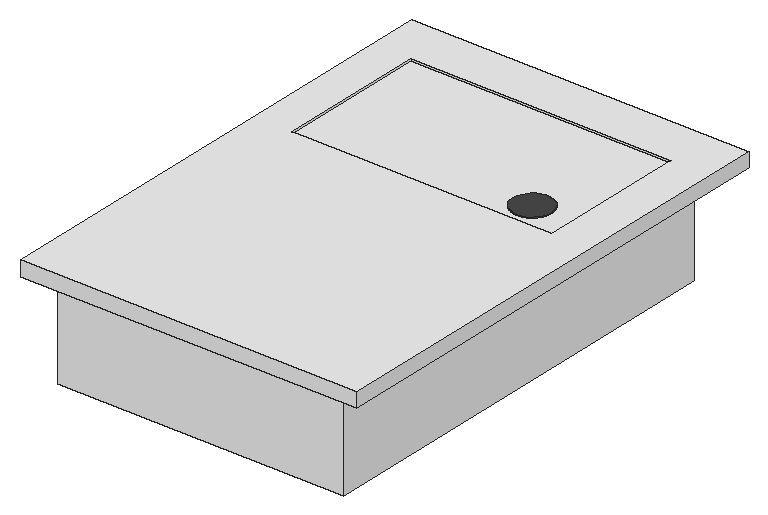
Revit family "Napkin_Disposal-Bobrick-TrimLineSeries-B-35303", category Specialty Equipment, host Face, Revit 2014
Parameters (values of type "B-35303")
  Width = 13"  # constant formula
  Warranty Documentation Link = "http://products.bobrick.com/Documents/ProductWarranties.pdf"
  URL = "http://www.bobrick.com/"
  Type Comments = ""
  Specification = ""
  Revised Date = "02/07/2019"  # constant formula
  Product Page URL = "http://products.bobrick.com/washroomaccessories/Pages/ProductDetails.aspx?Product+Number%3dB-35303"
  Product Documentation Link = "http://products.bobrick.com/Documents/B-35303_td.pdf"
  Price = "Prices may vary. Please consult Manufacturer Representative for most up-to-date price list."  # constant formula
  Model = "B-35303"
  Material = Stainless Steel-Bobrick-Typre 304-Satin
  Manufacturer = "Bobrick"
  Length = 9/16"  # constant formula
  Installation Type = "Recessed in Wall"
  Height = 18 15/16"  # constant formula
  Description = "TrimLineSeries Recessed Sanitary Napkin Disposal"
  Default Elevation = 30"  # constant formula
  Creation Date = "12/30/2014"  # constant formula
  Assembly Code = "C1030200"
Reference planes (in)
  plane 1 "Center (Front/Back)": y = 0
  plane 2: z = 0
  plane 3 "Center (Left/Right)": x = 0
  plane 4: z = 0.5625
  plane 5: y = -16.9375
  plane 6: x = -6.5
  plane 7: x = 6.5
  plane 8: x = 5.53125
  plane 9: x = -5.53125
  plane 10: y = -17.53125
  plane 11: y = 1.40625
  plane 12: z = -3.625
  plane 13: y = -0.5
  plane 14: y = -6.25
  plane 15: x = -5.03125
  plane 16: x = 5.03125
  plane 17: z = 0.5
Forms (in)
  Extrusion 1, solid, material "Stainless Steel-Bobrick-Typre 304-Satin" <- "Material"
    sketch origin (0, 0, 0) x (1, 0, 0) y (0, 1, 0)
      loop
        line (-6.5, 1.40625) -> (-6.5, -17.53125) -> (6.5, -17.53125) -> (6.5, 1.40625) -> (-6.5, 1.40625)
    from 0 to 0.5625
  Extrusion 2, solid, material "Stainless Steel-Bobrick-Typre 304-Satin" <- "Material"
    sketch origin (0, 0, 0) x (1, 0, 0) y (0, 1, 0)
      loop
        line (-5.53125, 0) -> (-5.53125, -16.9375) -> (5.53125, -16.9375) -> (5.53125, 0) -> (-5.53125, 0)
    from -3.625 to 0
  Extrusion 3, void
    sketch origin (0, 0, 0) x (1, 0, 0) y (0, 1, 0)
      loop
        line (-5.03125, -0.5) -> (-5.03125, -6.25) -> (5.03125, -6.25) -> (5.03125, -0.5) -> (-5.03125, -0.5)
    from 0.5 to 0.5625
  Extrusion 4, solid, material "Sticker-Bobrick-Label"
    sketch origin (0, 0, 0) x (1, 0, 0) y (0, 1, 0)
      loop
        circle (3.39665, -5.16363) r 0.75
    from 0 to 0.51151
  Extrusion 5, void
    sketch origin (0, 0, 0) x (1, 0, 0) y (0, 1, 0)
      loop
        line (-5.53125, 0) -> (-5.53125, -16.9375) -> (5.53125, -16.9375) -> (5.53125, 0) -> (-5.53125, 0)
    from -3.625 to 0
Cuts and joins
  Extrusion 3 cuts Extrusion 1
  Extrusion 3 cuts Extrusion 2
  joined: Extrusion 1, Extrusion 2
  Extrusion 5 cuts Extrusion 4
Lines and regions (in)
  Masking region 1
    outline origin (0, 0, 0) x (1, 0, 0) y (0, 0, 1)
      loop
        line (6.5, 0) -> (6.5, 0.5625) -> (-6.5, 0.5625) -> (-6.5, 0) -> (-5.53125, 0) -> (-5.53125, -3.625) -> (5.53125, -3.625) -> (5.53125, 0) -> (6.5, 0)
  symbolic lines, style "PlumbingFixtures", detail levels medium+fine
    curve 1: line (5.53125, 0, 0) -> (-5.53125, 0, 0)
Dimensions and locks (in)
  "Length": plane 4 to host face
  locked: plane 5 to plane 1 "Center (Front/Back)" at 16.9375
  equal spacing: plane 6, plane 3 "Center (Left/Right)", plane 7
  "Width": plane 6 to plane 7
  equal spacing: plane 9, plane 3 "Center (Left/Right)", plane 8
  locked: plane 9 to plane 8 at 11.0625
  locked: plane 10 to plane 5 at 0.59375
  "Height": plane 11 to plane 10
  level to plane 12 = 3 5/8"
  locked: plane 4 to plane 17 at 0.0625
  aligned and locked: plane 2 to host face
  aligned and locked: level to host face
  aligned and locked: Extrusion 1 sketch curve to plane 11
  aligned and locked: Extrusion 1 sketch curve to plane 6
  aligned and locked: Extrusion 1 sketch curve to plane 10
  aligned and locked: Extrusion 1 sketch curve to plane 7
  aligned and locked: Extrusion 1 to level
  aligned and locked: plane 4 to Extrusion 1
  aligned and locked: plane 1 "Center (Front/Back)" to Extrusion 2 sketch curve
  aligned and locked: Extrusion 2 sketch curve to plane 9
  aligned and locked: Extrusion 2 sketch curve to plane 5
  aligned and locked: Extrusion 2 sketch curve to plane 8
  aligned and locked: plane 12 to Extrusion 2
  aligned and locked: level to Extrusion 2
  aligned and locked: plane 13 to Extrusion 3 sketch curve
  aligned and locked: plane 15 to Extrusion 3 sketch curve
  aligned and locked: Extrusion 3 sketch curve to plane 14
  aligned and locked: plane 16 to Extrusion 3 sketch curve
  aligned and locked: plane 17 to Extrusion 3
  aligned and locked: plane 4 to Extrusion 3
  aligned and locked: Extrusion 5 sketch curve to cut or joined group of Extrusion 1, Extrusion 2, Extrusion 3  (x4)
  aligned and locked: Extrusion 5 to cut or joined group of Extrusion 1, Extrusion 2, Extrusion 3
  aligned and locked: host face to Extrusion 5
  aligned and locked: Masking region 1 sketch curve to cut or joined group of Extrusion 1, Extrusion 2, Extrusion 3  (x8)
  aligned and locked: cut or joined group of Extrusion 1, Extrusion 2, Extrusion 3 to curve 1  (x2)
  aligned and locked: curve 1 to cut or joined group of Extrusion 1, Extrusion 2, Extrusion 3
Automatic sketch dimensions
  host sketch curve to host sketch curve = 96"  (x2)
  plane 16 to Extrusion 4 sketch curve = 1.6346"
  Extrusion 4 sketch curve to plane 14 = 1.08637"
  radius of Extrusion 4 sketch curve = 3/4"
